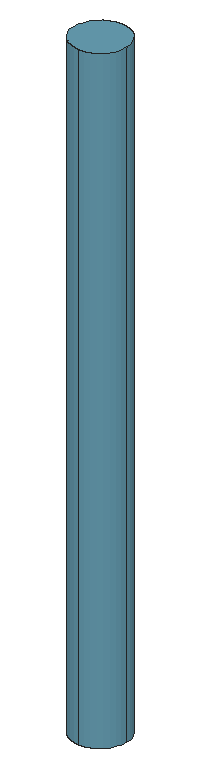
Revit family "CT_Pilar_Con_Pilotis", category Structural Columns, Revit 2025
Family settings
  Display in Hidden Views = Edges Hidden by Other Members
  Section Shape = Not Defined
  Material for Model Behavior = Concrete
  Always export as geometry = No
  Beam cutback in plan = From geometry
  OmniClass Number = 23.25.30.11.14.11
  OmniClass Title = Columns
  Cut with Voids When Loaded = No
  Symbolic Representation = From Family
  Shared = No
  Show family pre-cut in plan views = Yes
Parameters (values of type "PIL_075_BLC_CON_CIR")
  Structural Material [instance] = CT_Concreto_Pilotis
  Raio_Coluna = 200 mm
  Deslocamento_Eixo_Vertical [instance] = 0 mm
  Deslocamento_Eixo_Horiz [instance] = 0 mm
  Concreto_Capitel = CT_Concreto
Types (2, lengths in mm): name | Structural Material
  PIL_075_BLC_CON_CIR | CT_Concreto_Pilotis
  PIL_040_BLC_CON_CIR | CT_Asfaltos
Reference planes
  plane 1 "Center (Front/Back)": y = 0
  plane 2: z = 0
  plane 3 "Center (Left/Right)": x = 0
  plane 4: y = 0
  plane 5: x = 0
Forms (mm)
  Extrusion 1, solid, material "CT_Concreto_Pilotis" <- "Structural Material"
    sketch origin (0, 0, 0) x (1, 0, 0) y (0, 1, 0)
      loop
        arc (0, 200) -> (-141.421, 141.421) -> (-200, 0) r 200
        arc (-200, 0) -> (-141.421, -141.421) -> (0, -200) r 200
        arc (0, -200) -> (141.421, -141.421) -> (200, 0) r 200
        arc (200, 0) -> (141.421, 141.421) -> (0, 200) r 200
    from 0 to 4700
Dimensions and locks
  "Deslocamento_Eixo_Horiz": plane 1 "Center (Front/Back)" to plane 4
  "Deslocamento_Eixo_Vertical": plane 3 "Center (Left/Right)" to plane 5
  "Raio_Coluna": radius of Extrusion 1 sketch curve  (x2)
  aligned and locked: level to plane 2
  aligned and locked: Extrusion 1 to plane 2
  aligned and locked: plane 5 to Extrusion 1 sketch curve  (x2)
  aligned and locked: Extrusion 1 sketch curve to plane 4
  aligned and locked: level to Extrusion 1
  aligned and locked: Extrusion 1 to level
